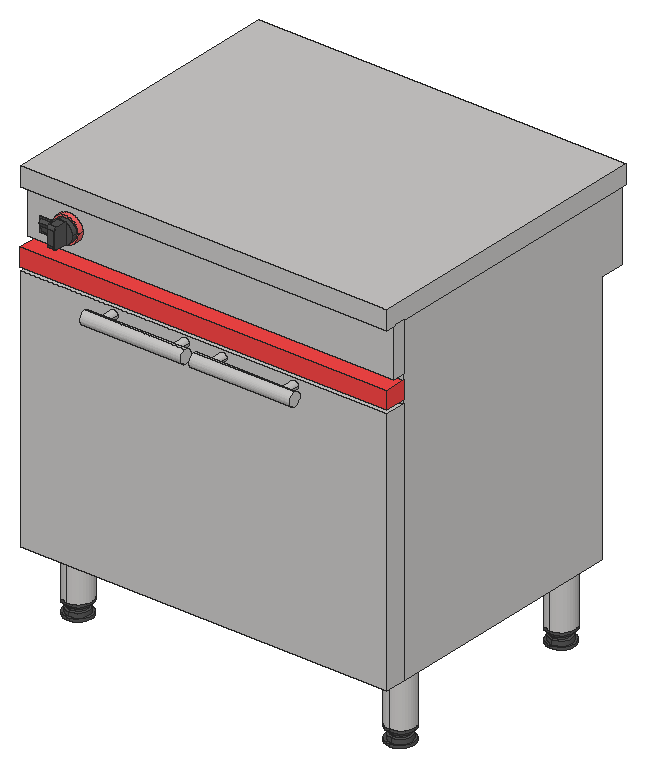
Revit family "ADB Warming cabinet CME 801 CA", category Equipement spécialisé, Revit 2022
Family settings
  Cote de connecteur circulaire = Utiliser le diamètre
  Type d'élément = Normal
  Numéro OmniClass = 23.40.40.14.17.11
  Titre OmniClass = Cookers, Ovens, Stoves
  Basée sur le plan de construction = Non
  Toujours verticalement = Oui
  Couper avec des vides une fois chargée = Non
  Conserver l'orientation des annotations = Non
  Partagée = Non
  Repère de localisation dans la pièce = Non
Parameters (values of type "CME 801 CA")
  URL Cutsheet = "https://www.ambassade-de-bourgogne.com/fr/produits/armoires/Resources/N42-CME_801_CA.pdf"
  URL = "https://www.ambassade-de-bourgogne.com/fr/produits/armoires/Resources/N42-CME_801_CA.pdf"
  Electric Connection Type [instance] = "Bornier 40A"  # constant formula
  Item Number = ""
  Volts [instance] = 230 V  # constant formula
  Specification by Manufacturer = ""
  Electrical Remarks [instance] = "230V(MONO) commutable 400V(TRI)"  # constant formula
  Electric power = 1900 W
  Depth [instance] = 705 mm + if([Wall-spacer DSA 800], 50 mm, 0 mm)  # 705 mm
  Weight [instance] = 80.00 kg + if([Wall-spacer DSA 800], 1.00 kg, 0.00 kg)  # 80.00 kg
  Phase [instance] = 1  # constant formula
  Number of Poles [instance] = Phase  # 1
  Modèle = "CME 801 CA"
  Length [instance] = 800 mm  # constant formula
  Operational Current [instance] = Electric power / (230 V * Phase)  # 8.26087 A
  Height [instance] = 900 mm + if([Wall-spacer DSA 800], 100 mm, 0 mm)  # 900 mm
  Cycle [instance] = 50 Hz  # constant formula
  Fabricant = "Société Industrielle de Lacanche"  # constant formula
  Elévation par défaut = 0 mm
  Shelves ECH 808 [instance] = no
  Wall-spacer DSA 800 [instance] = no
  Dosseret [instance] = if([Wall-spacer DSA 800], 50 mm, 0 mm)  # 0 mm
  Description = "GN 2/1 Warming cabinet"
  Connectors [instance] = yes
  Commentaires du type = "Ambassade range - Cupboards - Warming cabinet"
  D = 750 mm  # constant formula
  C = 400 mm  # constant formula
Reference planes
  plane 1 "Centre (avant/arrière)": y = 0
  plane 2: z = 0
  plane 3 "Centre (gauche/droite)": x = 0
  plane 4 "gauche": x = -400
  plane 5 "droite": x = 400
  plane 6 "fond de meuble": y = 325
  plane 7 "avant": y = -325
  plane 8 "arrière": y = 325
  plane 9: z = 900
  plane 10: x = 0
  plane 11: z = 750
  plane 12: x = 350
  plane 13: z = 810
  plane 14: y = -380
Forms (mm)
  Extrusion 1, solid, material "ADB_Network_Electricity_Yellow", visible <- "Connectors", detail levels medium+fine
    sketch origin (400, 315, 707) x (-1, 0, 0) y (0, 0, 1)
      loop
        circle (400, 43) r 10
    from 0 to 10
  Extrusion 2, solid, detail levels coarse
    sketch origin (0, 0, 0) x (1, 0, 0) y (0, 1, 0)
      loop
        line (-400, 325) -> (-400, -380) -> (400, -380) -> (400, 325) -> (-400, 325)
    from 0 to 900 <- "Height"
  Extrusion 3, solid, material "ADB_Plastic-Black", detail levels fine
    sketch origin (-19, -306, 844.8) x (-1, 0, 0) y (0, 0, -1)
      loop
        line (352.5, 39.5) -> (352.5, 71.3) -> (327.5, 71.3) -> (327.5, 39.5) -> (352.5, 39.5)
    from 0 to 2
  Extrusion 4, solid, material "ADB_Plastic-Black", detail levels fine
    sketch origin (-319, 0, 0) x (0, 1, 0) y (0, 0, 1)
      loop
        line (-308, 802.032) -> (-315.045, 796.027) -> (-309.906, 787.126) -> (-308, 777) -> (-308, 802.032)
    from -49.5 to -30.5
Dimensions and locks
  equal spacing: plane 5 "droite", plane 3 "Centre (gauche/droite)", plane 4 "gauche"
  "Length": plane 5 "droite" to plane 4 "gauche"
  plane 6 "fond de meuble" to plane 7 "avant" = 650 mm
  locked: plane 7 "avant" to plane 1 "Centre (avant/arrière)" at 325
  "Dosseret": plane 8 "arrière" to plane 6 "fond de meuble"
  "Height": plane 9 to plane 2
  "D": plane 2 to plane 11
  "C": plane 5 "droite" to plane 10
  plane 12 to plane 5 "droite" = 50 mm
  plane 2 to plane 13 = 810 mm
  "Depth": plane 8 "arrière" to plane 14
  aligned and locked: level to plane 2
  aligned and locked: plane 3 "Centre (gauche/droite)" to nested 1
  aligned and locked: Extrusion 1 sketch curve to plane 10
  aligned and locked: plane 11 to Extrusion 1 sketch curve
  aligned and locked: plane 8 "arrière" to Extrusion 2
  aligned and locked: Extrusion 2 to plane 14
Automatic sketch dimensions
  Extrusion 2 sketch curve to plane 4 "gauche" = 0 mm
  Extrusion 2 sketch curve to plane 5 "droite" = 0 mm
  Extrusion 2 sketch curve to plane 7 "avant" = 55 mm
  plane 6 "fond de meuble" to Extrusion 2 sketch curve = 0 mm
  Extrusion 3 sketch curve to plane 13 = 4.7 mm
  plane 4 "gauche" to Extrusion 3 sketch curve = 53.5 mm
  Extrusion 3 sketch curve to plane 11 = 23.5 mm
  Extrusion 3 sketch curve to Extrusion 3 sketch curve = 25 mm
  plane 7 "avant" to Extrusion 4 sketch curve = 9.955 mm
  Extrusion 4 sketch curve to Extrusion 4 sketch curve = 5.139 mm
  Extrusion 4 sketch curve to Extrusion 4 sketch curve = 1.906 mm
  Extrusion 4 sketch curve to plane 11 = 27 mm
  Extrusion 4 sketch curve to Extrusion 4 sketch curve = 10.126 mm
  Extrusion 4 sketch curve to Extrusion 4 sketch curve = 8.901 mm
  Extrusion 4 sketch curve to Extrusion 4 sketch curve = 6.005 mm
  radius of Extrusion 1 sketch curve = 10 mm
Nested families
  nested 1: "Soubassement armoire" at (0, 0, 0), Dosseret <- "Wall-spacer DSA 800", Ech 808 <- "Shelves ECH 808", type "1 armoire", detail levels medium+fine
    with Depth 703 mm, Door hinges inversion option no, Porte yes, Length 800 mm, Height 900 mm, Encombrement Porte standard yes, Encombrement Porte inversée no, Echelle yes, Ech 808 no, Décalage poignée 395.5 mm, Dosseret no
  nested 2: "Bouton" at (-309, -306, 804.565) x (1, 0, 0) z (0, -1, 0), type "Bouton", detail levels fine
Connectors
  electrical at (0, 315, 750), driven by "Number of Poles", driven by "Volts", driven by "Electric power"
    settings: on Extrusion 1, index 1, voltage 230 V, apparent load 1900 VA, apparent load phase1 0 VA, apparent load phase2 0 VA, apparent load phase3 0 VA, power factor 1, load classification "Autre", number of poles 1, system type 30, power factor state 1, is connector primary yes, connector utility no, sub classification motor no, connector description ""
Definition of nested family "Soubassement armoire"
  Parameters (values of type "1 armoire")
    Profondeur produit = 650 mm
    Profondeur baie libre = if(Baie libre, Profondeur produit - 68 mm, 1 mm)  # 582 mm
    Door hinges inversion option [instance] = no
    Longueur poignée = 229 mm  # constant formula
    Encombrement Porte inversée [instance] = and(Porte, Door hinges inversion option)  # no
    Encombrement Porte standard [instance] = and(Porte, not(Door hinges inversion option))  # no
    Porte [instance] = no
    Depth [instance] = Profondeur produit + if(Dosseret, 50 mm, 0 mm) + 53 mm  # 703 mm
    Longueur produit = 800 mm
    Length [instance] = Longueur produit  # 800 mm
    Hauteur produit = 900 mm
    Height [instance] = Hauteur produit + if(Dosseret, 100 mm, 0 mm)  # 900 mm
    Default Elevation = 0 mm
    Echelle [instance] = yes
    Ech 808 [instance] = yes
    Décalage poignée [instance] = if(Door hinges inversion option, Length, 395.5 mm)  # 395.5 mm
    Dosseret [instance] = no
    Baie libre = yes
  Reference planes
    plane 1 "Centre (avant/arrière)": y = 0
    plane 2: z = 0
    plane 3 "Centre (gauche/droite)": x = 0
    plane 4 "Gauche": x = -400
    plane 5 "Arrière": y = 325
    plane 6 "Droite": x = 400
    plane 7 "Avant": y = -325
    plane 8 "dessous meuble": z = 155
    plane 9 "Dessus de plan": z = 900
    plane 10 "Baguette coloré": z = 696
    plane 11 "dessous plan": z = 860
    plane 12 "Face": y = -280
    plane 13 "commande": z = 755
    plane 14 "dessus dosseret": z = 900
    plane 15: y = -377.967
    plane 16: y = 325.033
    plane 17 "Baguette colorë": y = -780
    plane 18: x = -4.5
    plane 19: x = -343.25
    plane 20: x = 343.25
  Forms (mm)
    Extrusion 1, solid, visible <- "Porte", detail levels medium+fine
      sketch origin (-400, 0, 0) x (0, 1, 0) y (0, 0, 1)
        loop
          line (-325, 155) -> (-280, 155) -> (-280, 696) -> (-325, 696) -> (-325, 155)
      from 0 to 800 <- "Length"
    Extrusion 2, solid, detail levels medium+fine
      sketch origin (-400, 0, 0) x (0, 1, 0) y (0, 0, 1)
        loop
          line (-280, 742.5) -> (-327, 742.5) -> (-327, 705) -> (-280, 705) -> (-280, 742.5)
      from 0 to 800 <- "Length"
    Extrusion 3, solid, detail levels medium+fine
      sketch origin (-400, 0, 0) x (0, 1, 0) y (0, 0, 1)
        loop
          line (325, 900) -> (-325, 900) -> (-325, 860) -> (325, 860) -> (325, 900)
      from 0 to 800 <- "Length"
    Extrusion 4, void
      sketch origin (0, -325, 0) x (-1, 0, 0) y (0, 0, 1)
        loop
          line (343.25, 679) -> (-343.25, 679) -> (-343.25, 261.5) -> (343.25, 261.5) -> (343.25, 679)
      from 0 to 582 <- "Profondeur baie libre"
    Extrusion 5, solid, detail levels medium+fine
      sketch origin (-400, 0, 0) x (0, 1, 0) y (0, 0, 1)
        loop
          line (-280, 860) -> (-306, 860) -> (-306, 755) -> (-280, 755) -> (-280, 860)
      from 0 to 800 <- "Length"
    Extrusion 6, solid, detail levels medium+fine
      sketch origin (-400, 0, 0) x (0, 1, 0) y (0, 0, 1)
        loop
          line (315, 860) -> (-280, 860) -> (-280, 155) -> (260, 155) -> (260, 707) -> (315, 707) -> (315, 860)
      from 0 to 800 <- "Length"
    Revolve 7, solid, detail levels medium+fine
      sketch origin (351.965, 0, 0) x (0, 1, 0) y (0, 0, -1)
        loop
          line (-258.968, -155) -> (-229, -155) -> (-229, 0) -> (-258.492, 0) -> (-258.492, -5) -> (-253.001, -5) -> (-253.001, -13.586) -> (-248.857, -16.488) -> (-248.857, -22) -> (-252.82, -22) -> (-258.968, -28.148) -> (-258.968, -34) -> (-258.968, -155)
        axis (-229, 0) -> (-229, -155)
      angle from 0 to 360
    Revolve 8, solid, detail levels medium+fine
      sketch origin (-351.965, 0, 0) x (0, 1, 0) y (0, 0, 1)
        loop
          line (-258.968, 155) -> (-258.968, 34) -> (-258.968, 28.148) -> (-252.82, 22) -> (-248.857, 22) -> (-248.857, 16.488) -> (-253.001, 13.586) -> (-253.001, 5) -> (-258.492, 5) -> (-258.492, 0) -> (-229, 0) -> (-229, 155) -> (-258.968, 155)
        axis (-229, 0) -> (-229, 155)
      angle from 0 to 360
    Revolve 9, solid, detail levels medium+fine
      sketch origin (-351.965, -20, 0) x (0, -1, 0) y (0, 0, -1)
        loop
          line (-258.968, -155) -> (-229, -155) -> (-229, 0) -> (-258.492, 0) -> (-258.492, -5) -> (-253.001, -5) -> (-253.001, -13.586) -> (-248.857, -16.488) -> (-248.857, -22) -> (-252.82, -22) -> (-258.968, -28.148) -> (-258.968, -34) -> (-258.968, -155)
        axis (-229, 0) -> (-229, -155)
      angle from 0 to 360
    Extrusion 10, solid, visible <- "Dosseret", detail levels medium+fine
      sketch origin (-400, 0, 0) x (0, 1, 0) y (0, 0, 1)
        loop
          line (375.033, 1000) -> (325, 1000) -> (325, 860) -> (375.033, 860) -> (375.033, 1000)
      from 0 to 800 <- "Length"
    Revolve 11, solid, detail levels medium+fine
      sketch origin (351.965, -20, 0) x (0, -1, 0) y (0, 0, 1)
        loop
          line (-258.968, 155) -> (-258.968, 34) -> (-258.968, 28.148) -> (-252.82, 22) -> (-248.857, 22) -> (-248.857, 16.488) -> (-253.001, 13.586) -> (-253.001, 5) -> (-258.492, 5) -> (-258.492, 0) -> (-229, 0) -> (-229, 155) -> (-258.968, 155)
        axis (-229, 0) -> (-229, 155)
      angle from 0 to 360
    Extrusion 12, void
      sketch origin (0, 0, 900) x (0, -1, 0) y (1, 0, 0)
        loop
          line (-307.033, -366.567) -> (-293.033, -366.567) -> (-293.033, 366.464) -> (-307.033, 366.464) -> (-307.033, -366.567)
      from 0 to -0.8
    Extrusion 13, solid, detail levels medium+fine
      sketch origin (-400, 260, 155) x (0, 0, 1) y (1, 0, 0)
        loop
          line (65, 654) -> (65, 146) -> (552, 146) -> (552, 654) -> (65, 654)
      from 0 to 35
    Extrusion 14, solid, visible <- "Echelle", detail levels medium+fine
      sketch origin (22.75, 0, 0) x (1, 0, 0) y (0, 0, 1)
        loop
          line (-366, 648.8) -> (-366, 623.8) -> (-356.5, 623.8) -> (-356.5, 625) -> (-364.8, 625) -> (-364.8, 647.6) -> (-348, 647.6) -> (-348, 648.8) -> (-366, 648.8)
        loop
          line (-366, 548.8) -> (-366, 523.8) -> (-356.5, 523.8) -> (-356.5, 525) -> (-364.8, 525) -> (-364.8, 547.6) -> (-348, 547.6) -> (-348, 548.8) -> (-366, 548.8)
        loop
          line (-366, 448.8) -> (-366, 423.8) -> (-356.5, 423.8) -> (-356.5, 425) -> (-364.8, 425) -> (-364.8, 447.6) -> (-348, 447.6) -> (-348, 448.8) -> (-366, 448.8)
        loop
          line (-366, 348.8) -> (-366, 323.8) -> (-356.5, 323.8) -> (-356.5, 325) -> (-364.8, 325) -> (-364.8, 347.6) -> (-348, 347.6) -> (-348, 348.8) -> (-366, 348.8)
      from -113.466 to 206.5
    Extrusion 15, solid, visible <- "Echelle", detail levels medium+fine
      sketch origin (-22.75, 0, 0) x (-1, 0, 0) y (0, 0, -1)
        loop
          line (-366, -648.8) -> (-348, -648.8) -> (-348, -647.6) -> (-364.8, -647.6) -> (-364.8, -625) -> (-356.5, -625) -> (-356.5, -623.8) -> (-366, -623.8) -> (-366, -648.8)
        loop
          line (-366, -548.8) -> (-348, -548.8) -> (-348, -547.6) -> (-364.8, -547.6) -> (-364.8, -525) -> (-356.5, -525) -> (-356.5, -523.8) -> (-366, -523.8) -> (-366, -548.8)
        loop
          line (-366, -448.8) -> (-348, -448.8) -> (-348, -447.6) -> (-364.8, -447.6) -> (-364.8, -425) -> (-356.5, -425) -> (-356.5, -423.8) -> (-366, -423.8) -> (-366, -448.8)
        loop
          line (-366, -348.8) -> (-348, -348.8) -> (-348, -347.6) -> (-364.8, -347.6) -> (-364.8, -325) -> (-356.5, -325) -> (-356.5, -323.8) -> (-366, -323.8) -> (-366, -348.8)
      from -113.466 to 206.5
    Extrusion 16, solid, visible <- "Ech 808", detail levels medium+fine
      sketch origin (-400, -327, 742.5) x (0, 0, -1) y (1, 0, 0)
        loop
          line (63.5, 385.5) -> (481, 385.5) -> (481, 414.5) -> (63.5, 414.5) -> (63.5, 385.5)
      from -67 to -47
    Extrusion 17, solid, visible <- "Ech 808", detail levels medium+fine
      sketch origin (-380.9, 0, 0) x (-1, 0, 0) y (0, 0, -1)
        loop
          line (-366, -648.8) -> (-348, -648.8) -> (-348, -647.6) -> (-364.8, -647.6) -> (-364.8, -625) -> (-356.5, -625) -> (-356.5, -623.8) -> (-366, -623.8) -> (-366, -648.8)
        loop
          line (-366, -548.8) -> (-348, -548.8) -> (-348, -547.6) -> (-364.8, -547.6) -> (-364.8, -525) -> (-356.5, -525) -> (-356.5, -523.8) -> (-366, -523.8) -> (-366, -548.8)
        loop
          line (-366, -448.8) -> (-348, -448.8) -> (-348, -447.6) -> (-364.8, -447.6) -> (-364.8, -425) -> (-356.5, -425) -> (-356.5, -423.8) -> (-366, -423.8) -> (-366, -448.8)
        loop
          line (-366, -348.8) -> (-348, -348.8) -> (-348, -347.6) -> (-364.8, -347.6) -> (-364.8, -325) -> (-356.5, -325) -> (-356.5, -323.8) -> (-366, -323.8) -> (-366, -348.8)
      from -237 to 260
    Extrusion 18, solid, visible <- "Ech 808", detail levels medium+fine
      sketch origin (380.9, 0, 0) x (1, 0, 0) y (0, 0, 1)
        loop
          line (-366, 648.8) -> (-366, 623.8) -> (-356.5, 623.8) -> (-356.5, 625) -> (-364.8, 625) -> (-364.8, 647.6) -> (-348, 647.6) -> (-348, 648.8) -> (-366, 648.8)
        loop
          line (-366, 548.8) -> (-366, 523.8) -> (-356.5, 523.8) -> (-356.5, 525) -> (-364.8, 525) -> (-364.8, 547.6) -> (-348, 547.6) -> (-348, 548.8) -> (-366, 548.8)
        loop
          line (-366, 448.8) -> (-366, 423.8) -> (-356.5, 423.8) -> (-356.5, 425) -> (-364.8, 425) -> (-364.8, 447.6) -> (-348, 447.6) -> (-348, 448.8) -> (-366, 448.8)
        loop
          line (-366, 348.8) -> (-366, 323.8) -> (-356.5, 323.8) -> (-356.5, 325) -> (-364.8, 325) -> (-364.8, 347.6) -> (-348, 347.6) -> (-348, 348.8) -> (-366, 348.8)
      from -237 to 260
    Extrusion 19, solid, visible <- "Ech 808", detail levels medium+fine
      sketch origin (-400, 190, 742.5) x (0, 0, -1) y (1, 0, 0)
        loop
          line (63.5, 385.5) -> (481, 385.5) -> (481, 414.5) -> (63.5, 414.5) -> (63.5, 385.5)
      from -67 to -47
  Cuts and joins
    Extrusion 12 cuts Extrusion 10
    Extrusion 4 cuts Extrusion 6
  Lines and regions (mm)
    symbolic lines, visible <- "Porte"
      curve 1: line (400, -280, 155) -> (400, -680, 155)
      curve 2: line (-400, -280, 155) -> (-400, -680, 155)
      curve 3: arc (0, -280, 155) -> (-117.157, -562.843, 155) -> (-400, -680, 155) r 400
      curve 4: arc (0, -280, 155) -> (117.157, -562.843, 155) -> (400, -680, 155) r 400
    model lines, visible <- "Porte"
      curve 5: line (0, -325, 705) -> (0, -325, 155)
  Dimensions and locks
    equal spacing: plane 7 "Avant", plane 1 "Centre (avant/arrière)", plane 5 "Arrière"
    "Profondeur produit": plane 5 "Arrière" to plane 7 "Avant"
    equal spacing: plane 4 "Gauche", plane 3 "Centre (gauche/droite)", plane 6 "Droite"
    "Longueur produit": plane 4 "Gauche" to plane 6 "Droite"
    "Hauteur produit": plane 9 "Dessus de plan" to plane 2
    locked: plane 8 "dessous meuble" to plane 2 at 155
    locked: plane 9 "Dessus de plan" to plane 11 "dessous plan" at 40
    locked: plane 7 "Avant" to plane 12 "Face" at 45
    locked: plane 13 "commande" to plane 10 "Baguette coloré" at 59
    locked: plane 11 "dessous plan" to plane 13 "commande" at 105
    Extrusion 4 sketch curve to plane 8 "dessous meuble" = 106.5 mm
    Extrusion 4 sketch curve to plane 6 "Droite" = 56.75 mm
    Extrusion 4 sketch curve to plane 4 "Gauche" = 56.75 mm
    plane 10 "Baguette coloré" to Extrusion 4 sketch curve = 17 mm
    "Height": plane 14 "dessus dosseret" to plane 2
    locked: plane 7 "Avant" to plane 15 at 52.967
    "Depth": plane 15 to plane 16
    equal spacing: Extrusion 13 sketch curve, plane 3 "Centre (gauche/droite)", Extrusion 13 sketch curve
    "Décalage poignée": plane 18 to plane 4 "Gauche"
    locked: plane 4 "Gauche" to Revolve 9 at 18.067
    locked: Revolve 11 to plane 6 "Droite" at 18.067
    locked: Revolve 7 to plane 6 "Droite" at 18.067
    locked: plane 4 "Gauche" to Revolve 8 at 18.067
    locked: Revolve 8 to plane 12 "Face" at 21.032
    locked: Revolve 7 to plane 12 "Face" at 21.032
    locked: plane 5 "Arrière" to Extrusion 10 sketch curve at 50.033
    plane 16 to Extrusion 12 sketch curve to Extrusion 12 sketch curve = 18 mm locked, 14 mm locked
    aligned and locked: level to plane 2
    aligned and locked: plane 18 to nested 1
    aligned and locked: Extrusion 18 sketch curve to Extrusion 18 sketch curve
  Automatic sketch dimensions
    Extrusion 1 sketch curve to plane 7 "Avant" = 0 mm
    Extrusion 1 sketch curve to plane 10 "Baguette coloré" = 0 mm
    Extrusion 1 sketch curve to plane 12 "Face" = 0 mm
    Extrusion 1 sketch curve to plane 8 "dessous meuble" = 0 mm
    Extrusion 2 sketch curve to plane 12 "Face" = 0 mm
    Extrusion 2 sketch curve to plane 7 "Avant" = 2 mm
    plane 10 "Baguette coloré" to Extrusion 2 sketch curve = 9 mm
    Extrusion 2 sketch curve to plane 13 "commande" = 12.5 mm
    Extrusion 3 sketch curve to plane 7 "Avant" = 0 mm
    Extrusion 3 sketch curve to plane 5 "Arrière" = 0 mm
    Extrusion 3 sketch curve to plane 11 "dessous plan" = 0 mm
    Extrusion 3 sketch curve to plane 9 "Dessus de plan" = 0 mm
    Extrusion 5 sketch curve to plane 11 "dessous plan" = 0 mm
    Extrusion 5 sketch curve to plane 13 "commande" = 0 mm
    Extrusion 5 sketch curve to plane 12 "Face" = 0 mm
    plane 7 "Avant" to Extrusion 5 sketch curve = 19 mm
    Extrusion 6 sketch curve to plane 11 "dessous plan" = 0 mm
    Extrusion 6 sketch curve to plane 12 "Face" = 0 mm
    Extrusion 6 sketch curve to plane 8 "dessous meuble" = 0 mm
    Extrusion 6 sketch curve to plane 5 "Arrière" = 65 mm
    Extrusion 6 sketch curve to plane 5 "Arrière" = 10 mm
    plane 10 "Baguette coloré" to Extrusion 6 sketch curve = 11 mm
    Revolve 7 sketch curve to plane 8 "dessous meuble" = 0 mm
    Revolve 7 sketch curve to level = 0 mm
    plane 12 "Face" to Revolve 7 sketch curve = 21.032 mm
    plane 12 "Face" to Revolve 7 sketch curve = 21.508 mm
    Revolve 7 sketch curve to Revolve 7 sketch curve = 5.491 mm
    Revolve 7 sketch curve to Revolve 7 sketch curve = 0.181 mm
    Revolve 7 sketch curve to Revolve 7 sketch curve = 3.964 mm
    Revolve 7 sketch curve to Revolve 7 sketch curve = 24.001 mm
    level to Revolve 7 sketch curve = 34 mm
    Revolve 7 sketch curve to Revolve 7 sketch curve = 5.852 mm
    Revolve 7 sketch curve to Revolve 7 sketch curve = 6.148 mm
    Revolve 7 sketch curve to Revolve 7 sketch curve = 5.512 mm
    Revolve 7 sketch curve to Revolve 7 sketch curve = 2.902 mm
    level to Revolve 7 sketch curve = 5 mm
    Revolve 7 sketch curve to Revolve 7 sketch curve = 0 mm
    plane 8 "dessous meuble" to Revolve 7 sketch curve = 19 mm
    Revolve 7 sketch curve to Revolve 7 sketch curve = 12 mm
    Revolve 8 sketch curve to plane 8 "dessous meuble" = 0 mm
    Revolve 8 sketch curve to level = 0 mm
    plane 12 "Face" to Revolve 8 sketch curve = 21.032 mm
    plane 12 "Face" to Revolve 8 sketch curve = 21.508 mm
    Revolve 8 sketch curve to Revolve 8 sketch curve = 5.491 mm
    Revolve 8 sketch curve to Revolve 8 sketch curve = 0.181 mm
    Revolve 8 sketch curve to Revolve 8 sketch curve = 3.964 mm
    Revolve 8 sketch curve to Revolve 8 sketch curve = 24.001 mm
    level to Revolve 8 sketch curve = 5 mm
    Revolve 8 sketch curve to Revolve 8 sketch curve = 8.586 mm
    Revolve 8 sketch curve to Revolve 8 sketch curve = 2.902 mm
    Revolve 8 sketch curve to Revolve 8 sketch curve = 5.512 mm
    Revolve 8 sketch curve to Revolve 8 sketch curve = 6.148 mm
    Revolve 8 sketch curve to Revolve 8 sketch curve = 5.852 mm
    Revolve 8 sketch curve to Revolve 8 sketch curve = 0 mm
    Revolve 8 sketch curve to Revolve 8 sketch curve = 12 mm
    plane 8 "dessous meuble" to Revolve 8 sketch curve = 19 mm
    Revolve 9 sketch curve to plane 8 "dessous meuble" = 0 mm
    Revolve 9 sketch curve to level = 0 mm
    level to Revolve 9 sketch curve = 28.148 mm
    Revolve 9 sketch curve to plane 5 "Arrière" = 86.032 mm
    Revolve 9 sketch curve to Revolve 9 sketch curve = 0.477 mm
    level to Revolve 9 sketch curve = 13.586 mm
    Revolve 9 sketch curve to Revolve 9 sketch curve = 5.491 mm
    Revolve 9 sketch curve to Revolve 9 sketch curve = 0.181 mm
    Revolve 9 sketch curve to Revolve 9 sketch curve = 3.964 mm
    Revolve 9 sketch curve to Revolve 9 sketch curve = 24.001 mm
    Revolve 9 sketch curve to Revolve 9 sketch curve = 5.852 mm
    Revolve 9 sketch curve to Revolve 9 sketch curve = 8.414 mm
    Revolve 9 sketch curve to Revolve 9 sketch curve = 2.902 mm
    level to Revolve 9 sketch curve = 5 mm
    Revolve 9 sketch curve to Revolve 9 sketch curve = 0 mm
    plane 8 "dessous meuble" to Revolve 9 sketch curve = 19 mm
    Revolve 9 sketch curve to Revolve 9 sketch curve = 12 mm
    Extrusion 10 sketch curve to plane 5 "Arrière" = 0 mm
    Extrusion 10 sketch curve to plane 11 "dessous plan" = 0 mm
    plane 9 "Dessus de plan" to Extrusion 10 sketch curve = 100 mm
    curve 1 to plane 6 "Droite" = 0 mm
    plane 6 "Droite" to curve 3 = 400 mm
    curve 3 to plane 4 "Gauche" = 0 mm
    plane 4 "Gauche" to curve 4 = 400 mm
    curve 1 to plane 12 "Face" = 0 mm
    curve 4 to plane 12 "Face" = 0 mm
    curve 2 to plane 12 "Face" = 0 mm
    curve 3 to plane 12 "Face" = 0 mm
    Revolve 11 sketch curve to plane 8 "dessous meuble" = 0 mm
    Revolve 11 sketch curve to level = 0 mm
    level to Revolve 11 sketch curve = 28.148 mm
    Revolve 11 sketch curve to plane 5 "Arrière" = 86.032 mm
    Revolve 11 sketch curve to Revolve 11 sketch curve = 0.477 mm
    level to Revolve 11 sketch curve = 13.586 mm
    Revolve 11 sketch curve to Revolve 11 sketch curve = 5.491 mm
    Revolve 11 sketch curve to Revolve 11 sketch curve = 0.181 mm
    Revolve 11 sketch curve to Revolve 11 sketch curve = 3.964 mm
    Revolve 11 sketch curve to Revolve 11 sketch curve = 24.001 mm
    level to Revolve 11 sketch curve = 5 mm
    Revolve 11 sketch curve to Revolve 11 sketch curve = 2.902 mm
    Revolve 11 sketch curve to Revolve 11 sketch curve = 5.512 mm
    Revolve 11 sketch curve to Revolve 11 sketch curve = 5.852 mm
    Revolve 11 sketch curve to Revolve 11 sketch curve = 0 mm
    Revolve 11 sketch curve to Revolve 11 sketch curve = 12 mm
    plane 8 "dessous meuble" to Revolve 11 sketch curve = 19 mm
    Extrusion 13 sketch curve to Extrusion 6 = 0 mm
    Extrusion 6 to Extrusion 13 sketch curve = 65 mm
    Extrusion 6 to Extrusion 13 sketch curve = 146 mm
    Extrusion 14 sketch curve to Extrusion 14 sketch curve = 8.3 mm  (x4)
    Extrusion 14 sketch curve to Extrusion 14 sketch curve = 16.8 mm  (x4)
    plane 8 "dessous meuble" to Extrusion 14 sketch curve = 168.8 mm
    Extrusion 14 sketch curve to Extrusion 14 sketch curve = 1.2 mm  (x12)
    Extrusion 14 sketch curve to Extrusion 14 sketch curve = 22.6 mm  (x4)
    Extrusion 14 sketch curve to Extrusion 14 sketch curve = 75 mm  (x2)
    Extrusion 14 sketch curve to plane 10 "Baguette coloré" = 72.2 mm
    Extrusion 15 sketch curve to Extrusion 15 sketch curve = 8.3 mm  (x4)
    Extrusion 15 sketch curve to Extrusion 15 sketch curve = 16.8 mm  (x4)
    Extrusion 15 sketch curve to plane 10 "Baguette coloré" = 47.2 mm
    Extrusion 15 sketch curve to Extrusion 15 sketch curve = 1.2 mm  (x12)
    Extrusion 15 sketch curve to Extrusion 15 sketch curve = 22.6 mm  (x4)
    Extrusion 15 sketch curve to Extrusion 15 sketch curve = 75 mm  (x3)
    curve 5 to plane 3 "Centre (gauche/droite)" = 0 mm
    curve 5 to plane 8 "dessous meuble" = 0 mm
    plane 10 "Baguette coloré" to curve 5 = 9 mm
    Extrusion 2 to Extrusion 16 sketch curve = 26 mm
    Extrusion 17 sketch curve to plane 3 "Centre (gauche/droite)" = 14.9 mm  (x4)
    Extrusion 17 sketch curve to plane 3 "Centre (gauche/droite)" = 16.1 mm  (x4)
    Extrusion 17 sketch curve to plane 18 = 19.9 mm  (x4)
    Extrusion 17 sketch curve to plane 18 = 28.4 mm  (x4)
    Extrusion 17 sketch curve to plane 10 "Baguette coloré" = 47.2 mm
    Extrusion 17 sketch curve to Extrusion 17 sketch curve = 1.2 mm  (x8)
    Extrusion 17 sketch curve to Extrusion 17 sketch curve = 22.6 mm  (x4)
    Extrusion 17 sketch curve to Extrusion 17 sketch curve = 75 mm  (x3)
    plane 3 "Centre (gauche/droite)" to Extrusion 18 sketch curve = 14.9 mm  (x4)
    plane 3 "Centre (gauche/droite)" to Extrusion 18 sketch curve = 16.1 mm  (x4)
    Extrusion 18 sketch curve to Extrusion 18 sketch curve = 8.3 mm  (x4)
    Extrusion 18 sketch curve to Extrusion 18 sketch curve = 16.8 mm  (x3)
    plane 8 "dessous meuble" to Extrusion 18 sketch curve = 168.8 mm
    Extrusion 18 sketch curve to Extrusion 18 sketch curve = 1.2 mm  (x8)
    Extrusion 18 sketch curve to Extrusion 18 sketch curve = 22.6 mm  (x4)
    Extrusion 18 sketch curve to Extrusion 18 sketch curve = 75 mm  (x2)
    Extrusion 18 sketch curve to plane 10 "Baguette coloré" = 72.2 mm
    Extrusion 16 sketch curve to Extrusion 16 sketch curve = 417.5 mm
    Extrusion 16 sketch curve to Extrusion 16 sketch curve = 29 mm
    Extrusion 19 sketch curve to plane 10 "Baguette coloré" = 17 mm
    plane 8 "dessous meuble" to Extrusion 19 sketch curve = 106.5 mm
    plane 4 "Gauche" to Extrusion 12 sketch curve = 33.433 mm
    plane 4 "Gauche" to Extrusion 14 sketch curve = 56.75 mm  (x4)
    plane 6 "Droite" to Extrusion 12 sketch curve = 33.536 mm
    plane 6 "Droite" to Extrusion 15 sketch curve = 56.75 mm  (x4)
    Extrusion 2 to Extrusion 16 sketch curve = 385.5 mm
    Extrusion 19 sketch curve to plane 18 = 10 mm
    plane 3 "Centre (gauche/droite)" to Extrusion 19 sketch curve = 14.5 mm
  Nested families
    nested 1: "Poignée" at (-119, -325, 681.933) x (1, 0, 0) z (0, -1, 0), visible <- "Porte", Longueur <- "Longueur poignée", type "Poignée", detail levels fine
      with Longueur 229 mm
    nested 2: "Poignée" at (119, -325, 681.933) x (-1, 0, 0) z (0, -1, 0), visible <- "Porte", Longueur <- "Longueur poignée", type "Poignée", detail levels fine
      with Longueur 229 mm
  Definition of nested family "Poignée"
    Parameters (values of type "Poignée")
      Longueur [instance] = 800 mm
      Default Elevation = 1219.2 mm
    Reference planes
      plane 1 "Centre (avant/arrière)": y = 0
      plane 2: z = 0
      plane 3 "Centre (gauche/droite)": x = 0
      plane 4: x = -400
      plane 5: x = 400
      plane 6: x = -395
      plane 7: x = 395
    Forms (mm)
      Extrusion 1, solid
        sketch origin (0, 0, 0) x (1, 0, 0) y (0, 1, 0)
          loop
            line (-1219.2, 1219.2) -> (-1219.2, -1219.2) -> (1219.2, -1219.2) -> (1219.2, 1219.2) -> (-1219.2, 1219.2)
        from 0 to -304.8
      Extrusion 2, solid
        sketch origin (0, 0, 0) x (0, 1, 0) y (0, 0, 1)
          loop
            circle (0, 38.995) r 13.972
        from -395 to 395
      Extrusion 3, solid
        sketch origin (0, 0, 0) x (1, 0, 0) y (0, 1, 0)
          loop
            circle (-363.542, 0) r 8.5
          loop
            circle (363.453, 0) r 8.5
        from 0 to 37.089
    Cuts and joins
      joined: Extrusion 2, Extrusion 3
    Dimensions and locks
      equal spacing: plane 4, plane 3 "Centre (gauche/droite)", plane 5
      "Longueur": plane 4 to plane 5
      locked: plane 4 to plane 6 at 5
      locked: plane 7 to plane 5 at 5
      locked: plane 6 to Extrusion 3 sketch curve at 31.458
      locked: Extrusion 3 sketch curve to plane 7 at 31.547
      aligned and locked: plane 2 to Extrusion 1
      aligned and locked: level to Extrusion 1
      aligned and locked: plane 6 to Extrusion 2
      aligned and locked: Extrusion 2 to plane 7
      aligned and locked: plane 1 "Centre (avant/arrière)" to Extrusion 3 sketch curve
    Automatic sketch dimensions
      Extrusion 1 sketch curve to Extrusion 1 sketch curve = 2438.4 mm  (x2)
      Extrusion 2 sketch curve to plane 1 "Centre (avant/arrière)" = 0 mm
      level to Extrusion 2 sketch curve = 38.995 mm
      plane 1 "Centre (avant/arrière)" to Extrusion 3 sketch curve = 0 mm
      radius of Extrusion 2 sketch curve = 13.972 mm
      radius of Extrusion 3 sketch curve = 8.5 mm  (x2)
Definition of nested family "Bouton"
  Parameters (values of type "Bouton")
    Matériau base bouton = none
    Default Elevation = 1219.2 mm
  Reference planes
    plane 1 "Centre (avant/arrière)": y = 0
    plane 2: z = 0
    plane 3 "Centre (gauche/droite)": x = 0
  Forms (mm)
    Extrusion 1, solid
      sketch origin (0, 0, 0) x (1, 0, 0) y (0, 1, 0)
        loop
          line (-1219.2, 1219.2) -> (-1219.2, -1219.2) -> (1219.2, -1219.2) -> (1219.2, 1219.2) -> (-1219.2, 1219.2)
      from 0 to -304.8
    Extrusion 2, solid, material <- "Matériau base bouton", detail levels fine
      sketch origin (0, 0, 0) x (1, 0, 0) y (0, 1, 0)
        loop
          circle (0, 0) r 28.5
      from 0 to 11.5
    Extrusion 3, solid, detail levels fine
      sketch origin (0, 0, 0) x (1, 0, 0) y (0, 1, 0)
        loop
          circle (0, 0) r 24.1
      from 11.5 to 20.5
    Extrusion 4, solid, detail levels fine
      sketch origin (0, 0, 0) x (1, 0, 0) y (0, 0, 1)
        loop
          line (-8.082, 20.5) -> (8.082, 20.5) -> (7.58, 49.253)
          arc (7.58, 49.253) -> (6.684, 51.34) -> (4.581, 52.2) r 3
          line (4.581, 52.2) -> (-4.581, 52.2)
          arc (-4.581, 52.2) -> (-6.684, 51.34) -> (-7.58, 49.253) r 3
          line (-7.58, 49.253) -> (-8.082, 20.5)
      from -22.082 to 22.162
    Extrusion 5, void
      sketch origin (0, 0, 0) x (0, 1, 0) y (0, 0, 1)
        loop
          line (-15.762, 50.701) -> (15.682, 50.701)
          arc (15.682, 50.701) -> (20.208, 48.826) -> (22.082, 44.301) r 6.4
          line (22.082, 44.301) -> (22.082, 41.701) -> (24.232, 41.701) -> (24.232, 54.688) -> (-24.768, 54.688) -> (-24.768, 41.701) -> (-22.162, 41.701) -> (-22.162, 44.301)
          arc (-22.162, 44.301) -> (-20.287, 48.826) -> (-15.762, 50.701) r 6.4
      from -15.908 to 13.709
  Cuts and joins
    Extrusion 5 cuts Extrusion 4
  Lines and regions (mm)
    symbolic lines, detail levels fine
      curve 1: line (0, -28.5, 0) -> (0, 28.5, 0)
  Dimensions and locks
    aligned and locked: plane 2 to Extrusion 1
    aligned and locked: level to Extrusion 1
